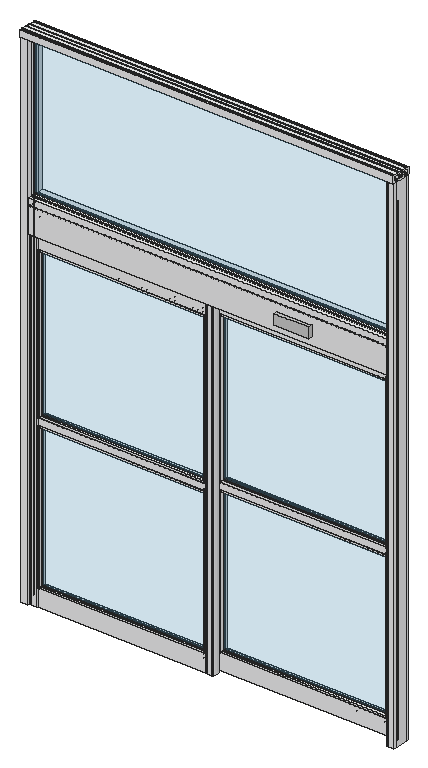
Revit family "2-5-5_Sliding-Door_TX9200SL_Single-RH-Outside-Slide-w-Transom-SX-O_Tormax", category Doors, host Wall, Revit 2026 (continued)
Automatic sketch dimensions
  Sweep 6 sketch curve to Sweep 6 sketch curve = 0' - 0.62563"
  Sweep 6 sketch curve to Sweep 6 sketch curve = 0' - 0.15607"
  Sweep 6 sketch curve to Sweep 6 sketch curve = 0' - 0.03666"
  Sweep 6 sketch curve to plane 1 "Center (Front/Back)" = 0' - 0.5574"
  Sweep 6 sketch curve to Sweep 6 sketch curve = 0' - 0.4288"  (x2)
  plane 1 "Center (Front/Back)" to Sweep 6 sketch curve = 0' - 0.5574"
  plane 1 "Center (Front/Back)" to Sweep 6 sketch curve = 0' - 0.70193"
  Sweep 6 sketch curve to Sweep 6 sketch curve = 0' - 0.04334"  (x2)
  Sweep 6 sketch curve to plane 1 "Center (Front/Back)" = 0' - 0.70193"
  Sweep 6 sketch curve to Sweep 6 sketch curve = 0' - 0.02874"  (x2)
  Sweep 6 sketch curve to Sweep 6 sketch curve = 0' - 0.03"  (x2)
  Sweep 6 sketch curve to Sweep 6 sketch curve = 0' - 0.01117"
  plane 1 "Center (Front/Back)" to Sweep 6 sketch curve = 0' - 0.4768"
  Sweep 6 sketch curve to Sweep 6 sketch curve = 0' - 0.12598"  (x2)
  Sweep 6 sketch curve to plane 1 "Center (Front/Back)" = 0' - 0.4768"
  Sweep 6 sketch curve to Sweep 6 sketch curve = 0' - 0 9/256"  (x2)
  Sweep 6 sketch curve to plane 1 "Center (Front/Back)" = 0' - 0.81302"
  Sweep 6 sketch curve to Sweep 6 sketch curve = 0' - 0.01061"
  Sweep 6 sketch curve to plane 1 "Center (Front/Back)" = 0' - 0.1755"
  Sweep 6 sketch curve to Sweep 6 sketch curve = 0' - 0.05155"  (x2)
  plane 1 "Center (Front/Back)" to Sweep 6 sketch curve = 0' - 0.1755"
  Sweep 6 sketch curve to Sweep 6 sketch curve = 0' - 0.09638"
  plane 1 "Center (Front/Back)" to Sweep 6 sketch curve = 0' - 0.198"
  Sweep 6 sketch curve to Sweep 6 sketch curve = 0' - 0.03415"  (x2)
  Sweep 6 sketch curve to plane 1 "Center (Front/Back)" = 0' - 0.91763"
  Sweep 6 sketch curve to Sweep 6 sketch curve = 0' - 0.1046"
  plane 1 "Center (Front/Back)" to Sweep 6 sketch curve = 0' - 0.07676"
  Sweep 6 sketch curve to Sweep 6 sketch curve = 0' - 0.06597"  (x2)
  Sweep 6 sketch curve to plane 1 "Center (Front/Back)" = 0' - 0.07676"
  Sweep 6 sketch curve to Sweep 6 sketch curve = 0' - 0.01404"  (x4)
  Sweep 6 sketch curve to plane 1 "Center (Front/Back)" = 0' - 0.10524"
  plane 1 "Center (Front/Back)" to Sweep 6 sketch curve = 0' - 0.10524"
  Sweep 6 sketch curve to Sweep 6 sketch curve = 0' - 0.1111"
  Sweep 6 sketch curve to Sweep 6 sketch curve = 0' - 0.9814"
  Sweep 6 sketch curve to Sweep 6 sketch curve = 0' - 0.05012"
  Sweep 6 sketch curve to Sweep 6 sketch curve = 0' - 0.16615"  (x2)
  plane 1 "Center (Front/Back)" to Sweep 6 sketch curve = 0' - 0.89192"
  Sweep 6 sketch curve to Sweep 6 sketch curve = 0' - 0.03237"  (x2)
  Sweep 6 sketch curve to plane 1 "Center (Front/Back)" = 0' - 0.89192"
  Sweep 6 sketch curve to plane 1 "Center (Front/Back)" = 0' - 0.13464"
  Sweep 6 sketch curve to Sweep 6 sketch curve = 0' - 0 27/256"  (x2)
  plane 1 "Center (Front/Back)" to Sweep 6 sketch curve = 0' - 0.13464"
  Sweep 6 sketch curve to plane 1 "Center (Front/Back)" = 0' - 0.03765"
  Sweep 6 sketch curve to Sweep 6 sketch curve = 0' - 0.00691"
  plane 1 "Center (Front/Back)" to Sweep 6 sketch curve = 0' - 0.03765"
  Sweep 6 sketch curve to Sweep 6 sketch curve = 0' - 0.02047"  (x4)
  plane 1 "Center (Front/Back)" to Sweep 6 sketch curve = 0' - 0.06635"
  Sweep 6 sketch curve to plane 1 "Center (Front/Back)" = 0' - 0.06635"
  Sweep 6 sketch curve to Sweep 6 sketch curve = 0' - 0.34663"
  Sweep 6 sketch curve to Sweep 6 sketch curve = 0' - 0.24384"
  Sweep 6 sketch curve to Sweep 6 sketch curve = 0' - 0.03405"
  Sweep 6 sketch curve to Sweep 6 sketch curve = 0' - 0.07004"
  Sweep 6 sketch curve to Sweep 6 sketch curve = 0' - 0.71308"
  Sweep 6 sketch curve to Sweep 6 sketch curve = 0' - 0.06289"
  Sweep 6 sketch curve to Sweep 6 sketch curve = 0' - 0.01808"  (x2)
  Sweep 6 sketch curve to Sweep 6 sketch curve = 0' - 0.05878"
  Sweep 6 sketch curve to Sweep 6 sketch curve = 0' - 0.03581"  (x2)
  Sweep 6 sketch curve to Sweep 6 sketch curve = 0' - 0.00458"
  Sweep 6 sketch curve to Sweep 6 sketch curve = 0' - 0.06336"
  Sweep 6 sketch curve to Sweep 6 sketch curve = 0' - 0.06467"
  Sweep 6 sketch curve to Sweep 6 sketch curve = 0' - 0.12548"
  Sweep 6 sketch curve to Sweep 6 sketch curve = 0' - 0.07853"
  Sweep 6 sketch curve to Sweep 6 sketch curve = 0' - 1.12104"
  Sweep 8 sketch curve to plane 1 "Center (Front/Back)" = 0' - 0.06635"
  plane 1 "Center (Front/Back)" to Sweep 8 sketch curve = 0' - 0.06635"
  Sweep 8 sketch curve to Sweep 8 sketch curve = 0' - 0"  (x4)
  Sweep 8 sketch curve to Sweep 8 sketch curve = 0' - 0.02047"  (x4)
  Sweep 8 sketch curve to plane 1 "Center (Front/Back)" = 0' - 0.03765"
  plane 1 "Center (Front/Back)" to Sweep 8 sketch curve = 0' - 0.03765"
  plane 1 "Center (Front/Back)" to Sweep 8 sketch curve = 0' - 0.13464"
  Sweep 8 sketch curve to Sweep 8 sketch curve = 0' - 0.04786"  (x2)
  Sweep 8 sketch curve to plane 1 "Center (Front/Back)" = 0' - 0.13464"
  Sweep 8 sketch curve to plane 1 "Center (Front/Back)" = 0' - 0.89192"
  Sweep 8 sketch curve to Sweep 8 sketch curve = 0' - 0.09924"
  plane 1 "Center (Front/Back)" to Sweep 8 sketch curve = 0' - 0.89192"
  plane 1 "Center (Front/Back)" to Sweep 8 sketch curve = 0' - 0.198"
  Sweep 8 sketch curve to Sweep 8 sketch curve = 0' - 0 27/256"  (x2)
  Sweep 8 sketch curve to plane 1 "Center (Front/Back)" = 0' - 0.198"
  Sweep 8 sketch curve to Sweep 8 sketch curve = 0' - 0.03237"  (x2)
  Sweep 8 sketch curve to Sweep 8 sketch curve = 0' - 0.08"  (x12)
  Sweep 8 sketch curve to Sweep 8 sketch curve = 0' - 0.05043"  (x2)
  Sweep 8 sketch curve to plane 1 "Center (Front/Back)" = 0' - 0.10524"
  Sweep 8 sketch curve to Sweep 8 sketch curve = 0' - 0.16615"  (x2)
  plane 1 "Center (Front/Back)" to Sweep 8 sketch curve = 0' - 0.10524"
  Sweep 8 sketch curve to Sweep 8 sketch curve = 0' - 0.01404"  (x4)
  Sweep 8 sketch curve to plane 1 "Center (Front/Back)" = 0' - 0.07676"
  plane 1 "Center (Front/Back)" to Sweep 8 sketch curve = 0' - 0.07676"
  Sweep 8 sketch curve to Sweep 8 sketch curve = 0' - 0.13772"  (x2)
  Sweep 8 sketch curve to Sweep 8 sketch curve = 0' - 0.09406"  (x2)
  Sweep 8 sketch curve to plane 1 "Center (Front/Back)" = 0' - 2.13309"
  Sweep 8 sketch curve to Sweep 8 sketch curve = 0' - 0.11387"  (x2)
  plane 1 "Center (Front/Back)" to Sweep 8 sketch curve = 0' - 2.13309"
  Sweep 8 sketch curve to Sweep 8 sketch curve = 0' - 0.11957"  (x2)
  plane 1 "Center (Front/Back)" to Sweep 8 sketch curve = 0' - 0.1755"
  Sweep 8 sketch curve to Sweep 8 sketch curve = 0' - 0.03415"  (x2)
  Sweep 8 sketch curve to plane 1 "Center (Front/Back)" = 0' - 0.1755"
  Sweep 8 sketch curve to Sweep 8 sketch curve = 0' - 0.09078"  (x2)
  plane 1 "Center (Front/Back)" to Sweep 8 sketch curve = 0' - 0.83751"
  Sweep 8 sketch curve to Sweep 8 sketch curve = 0' - 0.00708"  (x2)
  Sweep 8 sketch curve to plane 1 "Center (Front/Back)" = 0' - 0.83751"
  plane 1 "Center (Front/Back)" to Sweep 8 sketch curve = 0' - 0.4768"
  Sweep 8 sketch curve to Sweep 8 sketch curve = 0' - 0.01124"  (x2)
  Sweep 8 sketch curve to plane 1 "Center (Front/Back)" = 0' - 0.4768"
  Sweep 8 sketch curve to Sweep 8 sketch curve = 0' - 0 9/256"  (x2)
  Sweep 8 sketch curve to plane 1 "Center (Front/Back)" = 0' - 2.09227"
  Sweep 8 sketch curve to Sweep 8 sketch curve = 0' - 0.11476"  (x2)
  plane 1 "Center (Front/Back)" to Sweep 8 sketch curve = 0' - 2.09227"
  Sweep 8 sketch curve to Sweep 8 sketch curve = 0' - 0.01197"  (x4)
  Sweep 8 sketch curve to Sweep 8 sketch curve = 0' - 0.03"  (x2)
  Sweep 8 sketch curve to plane 1 "Center (Front/Back)" = 0' - 2.15805"
  plane 1 "Center (Front/Back)" to Sweep 8 sketch curve = 0' - 2.15805"
  plane 1 "Center (Front/Back)" to Sweep 8 sketch curve = 0' - 0.70193"
  Sweep 8 sketch curve to Sweep 8 sketch curve = 0' - 0.02874"  (x2)
  Sweep 8 sketch curve to plane 1 "Center (Front/Back)" = 0' - 0.70193"
  plane 1 "Center (Front/Back)" to Sweep 8 sketch curve = 0' - 0.5574"
  Sweep 8 sketch curve to Sweep 8 sketch curve = 0' - 0.10207"  (x2)
  Sweep 8 sketch curve to plane 1 "Center (Front/Back)" = 0' - 0.5574"
  Sweep 8 sketch curve to Sweep 8 sketch curve = 0' - 0.58177"
  Sweep 8 sketch curve to Sweep 8 sketch curve = 0' - 1.2245"
  Sweep 8 sketch curve to Sweep 8 sketch curve = 0' - 0 1/8"  (x2)
  Sweep 8 sketch curve to Sweep 8 sketch curve = 0' - 0.11691"  (x2)
  Sweep 8 sketch curve to Sweep 8 sketch curve = 0' - 0.095"  (x2)
  Sweep 8 sketch curve to Sweep 8 sketch curve = 0' - 0.22"  (x2)
  Sweep 8 sketch curve to Sweep 8 sketch curve = 0' - 0 3/8"
  Sweep 8 sketch curve to Sweep 8 sketch curve = 0' - 0.09794"  (x2)
  Sweep 8 sketch curve to Sweep 8 sketch curve = 0' - 0.01808"  (x2)
  Sweep 8 sketch curve to Sweep 8 sketch curve = 0' - 0.03581"  (x2)
  Sweep 8 sketch curve to plane 1 "Center (Front/Back)" = 0' - 0.58"
  plane 1 "Center (Front/Back)" to Sweep 8 sketch curve = 0' - 0 1/2"
  Sweep 8 sketch curve to Sweep 8 sketch curve = 0' - 0.06419"
  Sweep 8 sketch curve to Sweep 8 sketch curve = 0' - 1.05249"
  profile plane to Sweep 9 sketch curve = 0' - 0.13999"  (x2)
  Sweep 9 sketch curve to Sweep 9 sketch curve = 0' - 0.01404"  (x8)
  Sweep 9 sketch curve to plane 1 "Center (Front/Back)" = 0' - 0.07676"  (x2)
  plane 1 "Center (Front/Back)" to Sweep 9 sketch curve = 0' - 0.07676"  (x2)
  Sweep 9 sketch curve to Sweep 9 sketch curve = 0' - 0.09406"  (x4)
  Sweep 9 sketch curve to Sweep 9 sketch curve = 0' - 0.03415"  (x4)
  Sweep 9 sketch curve to Sweep 9 sketch curve = 0' - 0.0857"  (x4)
  Sweep 9 sketch curve to Sweep 9 sketch curve = 0' - 0.02391"  (x4)
  Sweep 9 sketch curve to Sweep 9 sketch curve = 0' - 0.03"  (x4)
  Sweep 9 sketch curve to Sweep 9 sketch curve = 0' - 0.02874"  (x4)
  Sweep 9 sketch curve to Sweep 9 sketch curve = 0' - 0.10207"  (x4)
  Sweep 9 sketch curve to profile plane = 0' - 0.02616"  (x2)
  Sweep 9 sketch curve to profile plane = 0' - 0.03237"  (x2)
  Sweep 9 sketch curve to Sweep 9 sketch curve = 0' - 0 27/256"  (x4)
  Sweep 9 sketch curve to plane 1 "Center (Front/Back)" = 0' - 0.03765"  (x2)
  Sweep 9 sketch curve to Sweep 9 sketch curve = 0' - 0.00691"
  plane 1 "Center (Front/Back)" to Sweep 9 sketch curve = 0' - 0.03765"  (x2)
  Sweep 9 sketch curve to Sweep 9 sketch curve = 0' - 0"  (x2)
  Sweep 9 sketch curve to Sweep 9 sketch curve = 0' - 0.02047"  (x8)
  plane 1 "Center (Front/Back)" to Sweep 9 sketch curve = 0' - 0.06635"  (x2)
  Sweep 9 sketch curve to plane 1 "Center (Front/Back)" = 0' - 0.06635"  (x2)
  Sweep 9 sketch curve to Sweep 9 sketch curve = 0' - 0.17947"
  plane 1 "Center (Front/Back)" to Sweep 9 sketch curve = 0' - 0.13464"
  Sweep 9 sketch curve to Sweep 9 sketch curve = 0' - 0.04786"  (x2)
  Sweep 9 sketch curve to plane 1 "Center (Front/Back)" = 0' - 0.13464"
  Sweep 9 sketch curve to plane 1 "Center (Front/Back)" = 0' - 0.89192"
  Sweep 9 sketch curve to Sweep 9 sketch curve = 0' - 0.03237"  (x2)
  plane 1 "Center (Front/Back)" to Sweep 9 sketch curve = 0' - 0.89192"
  plane 1 "Center (Front/Back)" to Sweep 9 sketch curve = 0' - 0.10524"
  Sweep 9 sketch curve to Sweep 9 sketch curve = 0' - 0.16615"  (x2)
  Sweep 9 sketch curve to plane 1 "Center (Front/Back)" = 0' - 0.10524"
  plane 1 "Center (Front/Back)" to Sweep 9 sketch curve = 0' - 0.198"
  Sweep 9 sketch curve to plane 1 "Center (Front/Back)" = 0' - 0.198"
  plane 1 "Center (Front/Back)" to Sweep 9 sketch curve = 0' - 0.1755"
  Sweep 9 sketch curve to plane 1 "Center (Front/Back)" = 0' - 0.1755"
  Sweep 9 sketch curve to plane 1 "Center (Front/Back)" = 0' - 0.4768"
  plane 1 "Center (Front/Back)" to Sweep 9 sketch curve = 0' - 0.4768"
  Sweep 9 sketch curve to plane 1 "Center (Front/Back)" = 0' - 0.70193"
  plane 1 "Center (Front/Back)" to Sweep 9 sketch curve = 0' - 0.70193"
  plane 1 "Center (Front/Back)" to Sweep 9 sketch curve = 0' - 0.5574"
  Sweep 9 sketch curve to plane 1 "Center (Front/Back)" = 0' - 0.5574"
  Sweep 9 sketch curve to Sweep 9 sketch curve = 0' - 0.01808"  (x4)
  Sweep 9 sketch curve to Sweep 9 sketch curve = 0' - 0.83324"
  Sweep 9 sketch curve to Sweep 9 sketch curve = 0' - 0.20807"
  Sweep 9 sketch curve to Sweep 9 sketch curve = 0' - 0.03581"  (x3)
  Sweep 9 sketch curve to Sweep 9 sketch curve = 0' - 0.23442"  (x2)
  Sweep 9 sketch curve to Sweep 9 sketch curve = 0' - 0.1001"
  Sweep 9 sketch curve to Sweep 9 sketch curve = 0' - 0.0806"  (x2)
  Sweep 9 sketch curve to Sweep 9 sketch curve = 0' - 0.12124"
  Sweep 9 sketch curve to Sweep 9 sketch curve = 0' - 0.0225"
  Sweep 9 sketch curve to Sweep 9 sketch curve = 0' - 0.06829"  (x2)
  Sweep 9 sketch curve to Sweep 9 sketch curve = 0' - 0.02848"
  Sweep 9 sketch curve to Sweep 9 sketch curve = 0' - 0.01424"
  Sweep 9 sketch curve to Sweep 9 sketch curve = 0' - 0.09874"
  Sweep 9 sketch curve to Sweep 9 sketch curve = 0' - 0.06336"
  Sweep 9 sketch curve to Sweep 9 sketch curve = 0' - 0.2788"
  Sweep 9 sketch curve to Sweep 9 sketch curve = 0' - 0.1807"
Nested families (in)
  nested 1: "Door-Sliding-Tormax-Panel-O" at (-22.46783, -0.84, 0), type "Door-Sliding-Tormax-Panel-O"
    with Width 3' - 11 9/16"
  nested 2: "Door-Sliding-Tormax-Panel-SX" at (22.46875, 1.433, 0), type "Door-Sliding-Tormax-Panel-SX"
    with Width 3' - 11 9/16"
Definition of nested family "Door-Sliding-Tormax-Panel-O"
  Parameters (values of type "Door-Sliding-Tormax-Panel-O")
    Width = 3' - 5 9/16"
    Thickness = 0' - 1.82"  # constant formula
    Height = 7' - 1 1/2"
    Glass = none
    Door Frame = none
    Define Thermal Properties by = 1
    Default Elevation = 0' - 0"
    Analytic Construction = "<None>"
  Reference planes (in)
    plane 1 "Center (Front/Back)": y = 0
    plane 2: z = 0
    plane 3 "Center (Left/Right)": x = 0
    plane 4: z = 85.5
    plane 5: z = 42.75
    plane 6: y = 0.12483
    plane 7: y = -0.12517
    plane 8: y = -0.91
    plane 9: y = 0.91
    plane 10: x = -20.78125
    plane 11: x = 20.78125
    plane 12: x = -18.65625
    plane 13: x = 18.65625
    plane 14: z = 43.625
    plane 15: z = 41.875
    plane 16: z = 82.40625
    plane 17: z = 85.40625
    plane 18: z = 4.3125
  Forms (in)
    Sweep 1, solid, material <- "Door Frame"
      path origin (0, 0, 0) x (1, 0, 0) y (0, 0, 1)
        loop
          line (-20.78125, 0) -> (-20.78125, 85.40625)
      profile origin (-20.78125, 0, 42.70312) x (-1, 0, 0) y (0, -1, 0)
        loop
          line (0, -0.91) -> (0, -0.765) -> (-0.25, -0.765) -> (-0.25, 0.765) -> (0, 0.765) -> (0, 0.91) -> (-2.125, 0.91) -> (-2.125, 0.70839) -> (-2.00861, 0.77559) -> (-1.969, 0.77559) -> (-1.969, -0.77559) -> (-2.00861, -0.77559) -> (-2.125, -0.70839) -> (-2.125, -0.91) -> (0, -0.91)
        loop
          line (-0.375, -0.765) -> (-0.375, 0.765) -> (-1.844, 0.765) -> (-1.844, -0.765) -> (-0.375, -0.765)
    Sweep 2, solid, material <- "Door Frame"
      path origin (0, 0, 0) x (1, 0, 0) y (0, 0, 1)
        loop
          line (-18.65625, 0) -> (18.65625, 0)
      profile origin (0, 0, 0) x (0, 0, 1) y (0, -1, 0)
        loop
          line (0, -0.91) -> (0.18793, -0.91) -> (0.18793, 0.78451) -> (0.91018, 0.78451) -> (0.91018, 0.31654) -> (1.33419, 0.31654) -> (1.33419, -0.31896) -> (0.91018, -0.31896) -> (0.91018, -0.91) -> (1.31299, -0.91) -> (1.31299, -0.8749) -> (4.3125, -0.8749) -> (4.3125, -0.70921) -> (4.20607, -0.77066) -> (4.1581, -0.77066) -> (4.1581, 0.77066) -> (4.20607, 0.77066) -> (4.3125, 0.70921) -> (4.3125, 0.8749) -> (0, 0.8749) -> (0, -0.91)
        loop
          line (4.03195, -0.71919) -> (4.03195, 0.71919) -> (3.72279, 0.71919) -> (3.72279, 0.75305) -> (3.39625, 0.75305) -> (3.39625, 0.71919) -> (3.08216, 0.71919) -> (3.08216, 0.37504) -> (2.93823, 0.37504) -> (2.93823, -0.37628) -> (3.08216, -0.37628) -> (3.08216, -0.71919) -> (3.39625, -0.71919) -> (3.39625, -0.75305) -> (3.72279, -0.75305) -> (3.72279, -0.71919) -> (4.03195, -0.71919)
        loop
          line (2.81306, -0.74999) -> (2.81306, 0.74911) -> (1.78489, 0.74911) -> (1.78489, 0.13781) -> (1.72241, 0.13781) -> (1.72241, 0.27206) -> (1.58242, 0.27206) -> (1.58242, 0.16548) -> (1.51503, 0.16548) -> (1.51503, -0.16539) -> (1.58242, -0.16539) -> (1.58242, -0.27209) -> (1.72241, -0.27209) -> (1.72241, -0.13788) -> (1.78489, -0.13788) -> (1.78489, -0.29096)
          arc (1.78489, -0.29096) -> (1.65044, -0.61555) -> (1.32586, -0.74999) r 0.45903
          line (1.32586, -0.74999) -> (2.81306, -0.74999)
        loop
          line (43.625, -0.875) -> (43.625, -0.70777) -> (43.5155, -0.77099) -> (43.469, -0.77099) -> (43.469, 0.77099) -> (43.5155, 0.77099) -> (43.625, 0.70777) -> (43.625, 0.875) -> (41.875, 0.875) -> (41.875, 0.70777) -> (41.9845, 0.77099) -> (42.031, 0.77099) -> (42.031, -0.77099) -> (41.9845, -0.77099) -> (41.875, -0.70777) -> (41.875, -0.875) -> (43.625, -0.875)
        loop
          line (42.40541, -0.729) -> (42.40541, -0.76) -> (42.85469, -0.76) -> (42.85469, -0.729) -> (43.106, -0.729) -> (43.106, -0.519) -> (43.319, -0.519) -> (43.319, 0.519) -> (43.106, 0.519) -> (43.106, 0.729) -> (42.85469, 0.729) -> (42.85469, 0.76) -> (42.40541, 0.76) -> (42.40541, 0.729) -> (42.156, 0.729) -> (42.156, -0.729) -> (42.40541, -0.729)
        loop
          line (85.40625, 0.8749) -> (82.40625, 0.8749) -> (82.40625, 0.70921) -> (82.51268, 0.77066) -> (82.56065, 0.77066) -> (82.56065, -0.77066) -> (82.51268, -0.77066) -> (82.40625, -0.70921) -> (82.40625, -0.8749) -> (85.40625, -0.8749) -> (85.40625, -0.74999) -> (83.90569, -0.74999) -> (83.90569, 0.74911) -> (85.40625, 0.74911) -> (85.40625, 0.8749)
        loop
          line (82.6868, -0.71919) -> (82.99596, -0.71919) -> (82.99596, -0.75305) -> (83.3225, -0.75305) -> (83.3225, -0.71919) -> (83.63659, -0.71919) -> (83.63659, -0.37628) -> (83.78052, -0.37628) -> (83.78052, 0.37504) -> (83.63659, 0.37504) -> (83.63659, 0.71919) -> (83.3225, 0.71919) -> (83.3225, 0.75305) -> (82.99596, 0.75305) -> (82.99596, 0.71919) -> (82.6868, 0.71919) -> (82.6868, -0.71919)
    Sweep 3, solid, material <- "Door Frame"
      path origin (0, 0, 0) x (1, 0, 0) y (0, 0, 1)
        loop
          line (20.78125, 0) -> (20.78125, 85.40625)
      profile origin (20.78125, 0, 42.70313) x (-1, 0, 0) y (0, -1, 0)
        loop
          line (2.125, -0.91) -> (2.125, -0.70835) -> (2.02717, -0.76483) -> (1.969, -0.76483) -> (1.969, 0.76483) -> (2.02775, 0.76483) -> (2.125, 0.70869) -> (2.125, 0.91) -> (0.5, 0.91) -> (0.5, 0.87519) -> (0.13218, 0.87519)
          arc (0.13218, 0.87519) -> (0, 0) -> (0.13218, -0.87519) r 2.96345
          line (0.13218, -0.87519) -> (0.5, -0.87519) -> (0.5, -0.91) -> (2.125, -0.91)
        loop
          line (1.844, -0.76483) -> (1.844, 0.76517) -> (0.781, 0.76517) -> (0.781, -0.76483) -> (1.844, -0.76483)
        loop
          line (0.656, 0.76483) -> (0.59725, 0.76483) -> (0.5, 0.70869) -> (0.446, 0.70869) -> (0.446, 0.82119) -> (0.17229, 0.82119)
          arc (0.17229, 0.82119) -> (0.054, 0) -> (0.17229, -0.82119) r 2.90945
          line (0.17229, -0.82119) -> (0.446, -0.82119) -> (0.446, -0.70835) -> (0.5, -0.70835) -> (0.59783, -0.76483) -> (0.656, -0.76483) -> (0.656, 0.76483)
    Sweep 4, solid, material <- "Door Frame"
      path origin (0, 0, 0) x (1, 0, 0) y (0, 0, 1)
        loop
          line (0, 4.3125) -> (0, 41.875)
      profile origin (0, 0, 23.09375) x (-1, 0, 0) y (0, -1, 0)
        loop
          line (-18.65625, -0.87481) -> (-18.15645, -0.87481) -> (-18.15645, -0.20955) -> (-18.12159, -0.20955) -> (-18.06046, -0.09459) -> (-18.08245, -0.07259) -> (-18.15436, -0.12483) -> (-18.36418, -0.12483) -> (-18.36418, -0.20955) -> (-18.5318, -0.20955) -> (-18.5318, -0.13997) -> (-18.61845, -0.13997) -> (-18.61845, 0.13997) -> (-18.5318, 0.13997) -> (-18.5318, 0.20955) -> (-18.36418, 0.20955) -> (-18.36418, 0.12483) -> (-18.15436, 0.12483) -> (-18.08245, 0.07259) -> (-18.06046, 0.09459) -> (-18.12159, 0.20955) -> (-18.15645, 0.20955) -> (-18.15645, 0.87481) -> (-18.65625, 0.87481) -> (-18.65625, 0.66561) -> (-18.75597, 0.66561) -> (-18.75597, 0.76483) -> (-18.80597, 0.76483) -> (-18.80597, 0.6157) -> (-18.69998, 0.6157) -> (-18.57594, 0.49166) -> (-18.57594, 0.32983)
          arc (-18.57594, 0.32983) -> (-18.64136, 0.30274) -> (-18.66845, 0.23732) r 0.09251
          line (-18.66845, 0.23732) -> (-18.66845, 0.1901) -> (-18.81225, 0.1901) -> (-18.81225, 0.13997) -> (-18.66845, 0.13997) -> (-18.66845, -0.13997) -> (-18.81225, -0.13997) -> (-18.81225, -0.1901) -> (-18.68146, -0.1901) -> (-18.68146, -0.25955) -> (-18.46359, -0.25955) -> (-18.46359, -0.4032) -> (-18.20611, -0.4032) -> (-18.20611, -0.8251) -> (-18.60608, -0.8251) -> (-18.60608, -0.65698) -> (-18.72056, -0.65698) -> (-18.72056, -0.70698) -> (-18.65625, -0.70698) -> (-18.65625, -0.87481)
        loop
          line (-18.55619, 0.8251) -> (-18.55619, 0.74143) -> (-18.62235, 0.74143) -> (-18.62235, 0.67847) -> (-18.52594, 0.58206) -> (-18.52594, 0.25099) -> (-18.46359, 0.25099) -> (-18.46359, 0.4032) -> (-18.20611, 0.4032) -> (-18.20611, 0.8251) -> (-18.55619, 0.8251)
        loop
          line (18.65625, -0.87481) -> (18.65625, -0.70698) -> (18.72056, -0.70698) -> (18.72056, -0.65698) -> (18.60608, -0.65698) -> (18.60608, -0.8251) -> (18.20611, -0.8251) -> (18.20611, -0.4032) -> (18.46359, -0.4032) -> (18.46359, -0.25955) -> (18.68146, -0.25955) -> (18.68146, -0.1901) -> (18.81225, -0.1901) -> (18.81225, -0.13997) -> (18.66845, -0.13997) -> (18.66845, 0.13997) -> (18.81225, 0.13997) -> (18.81225, 0.1901) -> (18.66845, 0.1901) -> (18.66845, 0.23732)
          arc (18.66845, 0.23732) -> (18.64136, 0.30274) -> (18.57594, 0.32983) r 0.09251
          line (18.57594, 0.32983) -> (18.57594, 0.49166) -> (18.69998, 0.6157) -> (18.80597, 0.6157) -> (18.80597, 0.76483) -> (18.75597, 0.76483) -> (18.75597, 0.66561) -> (18.65625, 0.66561) -> (18.65625, 0.87481) -> (18.15645, 0.87481) -> (18.15645, 0.20955) -> (18.12159, 0.20955) -> (18.06046, 0.09459) -> (18.08245, 0.07259) -> (18.15436, 0.12483) -> (18.36418, 0.12483) -> (18.36418, 0.20955) -> (18.5318, 0.20955) -> (18.5318, 0.13997) -> (18.61845, 0.13997) -> (18.61845, -0.13997) -> (18.5318, -0.13997) -> (18.5318, -0.20955) -> (18.36418, -0.20955) -> (18.36418, -0.12483) -> (18.15436, -0.12483) -> (18.08245, -0.07259) -> (18.06046, -0.09459) -> (18.12159, -0.20955) -> (18.15645, -0.20955) -> (18.15645, -0.87481) -> (18.65625, -0.87481)
        loop
          line (18.55619, 0.8251) -> (18.20611, 0.8251) -> (18.20611, 0.4032) -> (18.46359, 0.4032) -> (18.46359, 0.25099) -> (18.52594, 0.25099) -> (18.52594, 0.58206) -> (18.62235, 0.67847) -> (18.62235, 0.74143) -> (18.55619, 0.74143) -> (18.55619, 0.8251)
    Extrusion 5, solid, material <- "Glass"
      sketch origin (0, 0, 0) x (1, 0, 0) y (0, 1, 0)
        loop
          line (-18.36418, 0.12483) -> (-18.36418, -0.12517) -> (18.36418, -0.12517) -> (18.36418, 0.12483) -> (-18.36418, 0.12483)
      from 4.60457 to 41.58293
    Sweep 6, solid, material <- "Door Frame"
      path origin (0, 0, 0) x (1, 0, 0) y (0, 0, 1)
        loop
          line (-18.15645, 42.75) -> (18.15645, 42.75)
      profile origin (0, 0, 42.75) x (0, 0, 1) y (0, -1, 0)
        loop
          line (-38.4375, 0.87481) -> (-38.4375, 0.70698) -> (-38.50181, 0.70698) -> (-38.50181, 0.65698) -> (-38.38733, 0.65698) -> (-38.38733, 0.8251) -> (-37.98736, 0.8251) -> (-37.98736, 0.4032) -> (-38.24484, 0.4032) -> (-38.24484, 0.25955) -> (-38.46271, 0.25955) -> (-38.46271, 0.1901) -> (-38.5935, 0.1901) -> (-38.5935, 0.13997) -> (-38.4497, 0.13997) -> (-38.4497, -0.13997) -> (-38.5935, -0.13997) -> (-38.5935, -0.1901) -> (-38.4497, -0.1901) -> (-38.4497, -0.23732)
          arc (-38.4497, -0.23732) -> (-38.42261, -0.30274) -> (-38.35719, -0.32983) r 0.09251
          line (-38.35719, -0.32983) -> (-38.35719, -0.49166) -> (-38.48123, -0.6157) -> (-38.58722, -0.6157) -> (-38.58722, -0.76483) -> (-38.53722, -0.76483) -> (-38.53722, -0.66561) -> (-38.4375, -0.66561) -> (-38.4375, -0.87481) -> (-37.9377, -0.87481) -> (-37.9377, -0.20955) -> (-37.90284, -0.20955) -> (-37.84171, -0.09459) -> (-37.8637, -0.07259) -> (-37.93561, -0.12483) -> (-38.14543, -0.12483) -> (-38.14543, -0.20955) -> (-38.31305, -0.20955) -> (-38.31305, -0.13997) -> (-38.3997, -0.13997) -> (-38.3997, 0.13997) -> (-38.31305, 0.13997) -> (-38.31305, 0.20955) -> (-38.14543, 0.20955) -> (-38.14543, 0.12483) -> (-37.93561, 0.12483) -> (-37.8637, 0.07259) -> (-37.84171, 0.09459) -> (-37.90284, 0.20955) -> (-37.9377, 0.20955) -> (-37.9377, 0.87481) -> (-38.4375, 0.87481)
        loop
          line (-38.33744, -0.8251) -> (-37.98736, -0.8251) -> (-37.98736, -0.4032) -> (-38.24484, -0.4032) -> (-38.24484, -0.25099) -> (-38.30719, -0.25099) -> (-38.30719, -0.58206) -> (-38.4036, -0.67847) -> (-38.4036, -0.74143) -> (-38.33744, -0.74143) -> (-38.33744, -0.8251)
        loop
          line (-0.875, 0.87481) -> (-1.3748, 0.87481) -> (-1.3748, 0.20955) -> (-1.40966, 0.20955) -> (-1.47079, 0.09459) -> (-1.4488, 0.07259) -> (-1.37689, 0.12483) -> (-1.16707, 0.12483) -> (-1.16707, 0.20955) -> (-0.99945, 0.20955) -> (-0.99945, 0.13997) -> (-0.9128, 0.13997) -> (-0.9128, -0.13997) -> (-0.99945, -0.13997) -> (-0.99945, -0.20955) -> (-1.16707, -0.20955) -> (-1.16707, -0.12483) -> (-1.37689, -0.12483) -> (-1.4488, -0.07259) -> (-1.47079, -0.09459) -> (-1.40966, -0.20955) -> (-1.3748, -0.20955) -> (-1.3748, -0.87481) -> (-0.875, -0.87481) -> (-0.875, -0.66561) -> (-0.77528, -0.66561) -> (-0.77528, -0.76483) -> (-0.72528, -0.76483) -> (-0.72528, -0.6157) -> (-0.83127, -0.6157) -> (-0.95531, -0.49166) -> (-0.95531, -0.32983)
          arc (-0.95531, -0.32983) -> (-0.88989, -0.30274) -> (-0.8628, -0.23732) r 0.09251
          line (-0.8628, -0.23732) -> (-0.8628, -0.1901) -> (-0.719, -0.1901) -> (-0.719, -0.13997) -> (-0.8628, -0.13997) -> (-0.8628, 0.13997) -> (-0.719, 0.13997) -> (-0.719, 0.1901) -> (-0.84979, 0.1901) -> (-0.84979, 0.25955) -> (-1.06766, 0.25955) -> (-1.06766, 0.4032) -> (-1.32514, 0.4032) -> (-1.32514, 0.8251) -> (-0.92517, 0.8251) -> (-0.92517, 0.65698) -> (-0.81069, 0.65698) -> (-0.81069, 0.70698) -> (-0.875, 0.70698) -> (-0.875, 0.87481)
        loop
          line (-0.97506, -0.8251) -> (-0.97506, -0.74143) -> (-0.9089, -0.74143) -> (-0.9089, -0.67847) -> (-1.00531, -0.58206) -> (-1.00531, -0.25099) -> (-1.06766, -0.25099) -> (-1.06766, -0.4032) -> (-1.32514, -0.4032) -> (-1.32514, -0.8251) -> (-0.97506, -0.8251)
        loop
          line (0.875, 0.87481) -> (0.875, 0.70698) -> (0.81069, 0.70698) -> (0.81069, 0.65698) -> (0.92517, 0.65698) -> (0.92517, 0.8251) -> (1.32514, 0.8251) -> (1.32514, 0.4032) -> (1.06766, 0.4032) -> (1.06766, 0.25955) -> (0.84979, 0.25955) -> (0.84979, 0.1901) -> (0.719, 0.1901) -> (0.719, 0.13997) -> (0.8628, 0.13997) -> (0.8628, -0.13997) -> (0.719, -0.13997) -> (0.719, -0.1901) -> (0.8628, -0.1901) -> (0.8628, -0.23732)
          arc (0.8628, -0.23732) -> (0.88989, -0.30274) -> (0.95531, -0.32983) r 0.09251
          line (0.95531, -0.32983) -> (0.95531, -0.49166) -> (0.83127, -0.6157) -> (0.72528, -0.6157) -> (0.72528, -0.76483) -> (0.77528, -0.76483) -> (0.77528, -0.66561) -> (0.875, -0.66561) -> (0.875, -0.87481) -> (1.3748, -0.87481) -> (1.3748, -0.20955) -> (1.40966, -0.20955) -> (1.47079, -0.09459) -> (1.4488, -0.07259) -> (1.37689, -0.12483) -> (1.16707, -0.12483) -> (1.16707, -0.20955) -> (0.99945, -0.20955) -> (0.99945, -0.13997) -> (0.9128, -0.13997) -> (0.9128, 0.13997) -> (0.99945, 0.13997) -> (0.99945, 0.20955) -> (1.16707, 0.20955) -> (1.16707, 0.12483) -> (1.37689, 0.12483) -> (1.4488, 0.07259) -> (1.47079, 0.09459) -> (1.40966, 0.20955) -> (1.3748, 0.20955) -> (1.3748, 0.87481) -> (0.875, 0.87481)
        loop
          line (0.97506, -0.8251) -> (1.32514, -0.8251) -> (1.32514, -0.4032) -> (1.06766, -0.4032) -> (1.06766, -0.25099) -> (1.00531, -0.25099) -> (1.00531, -0.58206) -> (0.9089, -0.67847) -> (0.9089, -0.74143) -> (0.97506, -0.74143) -> (0.97506, -0.8251)
        loop
          line (39.65625, 0.87481) -> (39.15645, 0.87481) -> (39.15645, 0.20955) -> (39.12159, 0.20955) -> (39.06046, 0.09459) -> (39.08245, 0.07259) -> (39.15436, 0.12483) -> (39.36418, 0.12483) -> (39.36418, 0.20955) -> (39.5318, 0.20955) -> (39.5318, 0.13997) -> (39.61845, 0.13997) -> (39.61845, -0.13997) -> (39.5318, -0.13997) -> (39.5318, -0.20955) -> (39.36418, -0.20955) -> (39.36418, -0.12483) -> (39.15436, -0.12483) -> (39.08245, -0.07259) -> (39.06046, -0.09459) -> (39.12159, -0.20955) -> (39.15645, -0.20955) -> (39.15645, -0.87481) -> (39.65625, -0.87481) -> (39.65625, -0.66561) -> (39.75597, -0.66561) -> (39.75597, -0.76483) -> (39.80597, -0.76483) -> (39.80597, -0.6157) -> (39.69998, -0.6157) -> (39.57594, -0.49166) -> (39.57594, -0.32983)
          arc (39.57594, -0.32983) -> (39.64136, -0.30274) -> (39.66845, -0.23732) r 0.09251
          line (39.66845, -0.23732) -> (39.66845, -0.1901) -> (39.81225, -0.1901) -> (39.81225, -0.13997) -> (39.66845, -0.13997) -> (39.66845, 0.13997) -> (39.81225, 0.13997) -> (39.81225, 0.1901) -> (39.68146, 0.1901) -> (39.68146, 0.25955) -> (39.46359, 0.25955) -> (39.46359, 0.4032) -> (39.20611, 0.4032) -> (39.20611, 0.8251) -> (39.60608, 0.8251) -> (39.60608, 0.65698) -> (39.72056, 0.65698) -> (39.72056, 0.70698) -> (39.65625, 0.70698) -> (39.65625, 0.87481)
        loop
          line (39.55619, -0.8251) -> (39.55619, -0.74143) -> (39.62235, -0.74143) -> (39.62235, -0.67847) -> (39.52594, -0.58206) -> (39.52594, -0.25099) -> (39.46359, -0.25099) -> (39.46359, -0.4032) -> (39.20611, -0.4032) -> (39.20611, -0.8251) -> (39.55619, -0.8251)
    Sweep 7, solid, material <- "Door Frame"
      path origin (0, 0, 0) x (1, 0, 0) y (0, 0, 1)
        loop
          line (0, 43.625) -> (0, 82.40625)
      profile origin (0, 0, 63.01563) x (-1, 0, 0) y (0, -1, 0)
        loop
          line (-18.65625, -0.87481) -> (-18.15645, -0.87481) -> (-18.15645, -0.20955) -> (-18.12159, -0.20955) -> (-18.06046, -0.09459) -> (-18.08245, -0.07259) -> (-18.15436, -0.12483) -> (-18.36418, -0.12483) -> (-18.36418, -0.20955) -> (-18.5318, -0.20955) -> (-18.5318, -0.13997) -> (-18.61845, -0.13997) -> (-18.61845, 0.13997) -> (-18.5318, 0.13997) -> (-18.5318, 0.20955) -> (-18.36418, 0.20955) -> (-18.36418, 0.12483) -> (-18.15436, 0.12483) -> (-18.08245, 0.07259) -> (-18.06046, 0.09459) -> (-18.12159, 0.20955) -> (-18.15645, 0.20955) -> (-18.15645, 0.87481) -> (-18.65625, 0.87481) -> (-18.65625, 0.66561) -> (-18.75597, 0.66561) -> (-18.75597, 0.76483) -> (-18.80597, 0.76483) -> (-18.80597, 0.6157) -> (-18.69998, 0.6157) -> (-18.57594, 0.49166) -> (-18.57594, 0.32983)
          arc (-18.57594, 0.32983) -> (-18.64136, 0.30274) -> (-18.66845, 0.23732) r 0.09251
          line (-18.66845, 0.23732) -> (-18.66845, 0.1901) -> (-18.81225, 0.1901) -> (-18.81225, 0.13997) -> (-18.66845, 0.13997) -> (-18.66845, -0.13997) -> (-18.81225, -0.13997) -> (-18.81225, -0.1901) -> (-18.68146, -0.1901) -> (-18.68146, -0.25955) -> (-18.46359, -0.25955) -> (-18.46359, -0.4032) -> (-18.20611, -0.4032) -> (-18.20611, -0.8251) -> (-18.60608, -0.8251) -> (-18.60608, -0.65698) -> (-18.72056, -0.65698) -> (-18.72056, -0.70698) -> (-18.65625, -0.70698) -> (-18.65625, -0.87481)
        loop
          line (-18.55619, 0.8251) -> (-18.55619, 0.74143) -> (-18.62235, 0.74143) -> (-18.62235, 0.67847) -> (-18.52594, 0.58206) -> (-18.52594, 0.25099) -> (-18.46359, 0.25099) -> (-18.46359, 0.4032) -> (-18.20611, 0.4032) -> (-18.20611, 0.8251) -> (-18.55619, 0.8251)
        loop
          line (18.65625, -0.87481) -> (18.65625, -0.70698) -> (18.72056, -0.70698) -> (18.72056, -0.65698) -> (18.60608, -0.65698) -> (18.60608, -0.8251) -> (18.20611, -0.8251) -> (18.20611, -0.4032) -> (18.46359, -0.4032) -> (18.46359, -0.25955) -> (18.68146, -0.25955) -> (18.68146, -0.1901) -> (18.81225, -0.1901) -> (18.81225, -0.13997) -> (18.66845, -0.13997) -> (18.66845, 0.13997) -> (18.81225, 0.13997) -> (18.81225, 0.1901) -> (18.66845, 0.1901) -> (18.66845, 0.23732)
          arc (18.66845, 0.23732) -> (18.64136, 0.30274) -> (18.57594, 0.32983) r 0.09251
          line (18.57594, 0.32983) -> (18.57594, 0.49166) -> (18.69998, 0.6157) -> (18.80597, 0.6157) -> (18.80597, 0.76483) -> (18.75597, 0.76483) -> (18.75597, 0.66561) -> (18.65625, 0.66561) -> (18.65625, 0.87481) -> (18.15645, 0.87481) -> (18.15645, 0.20955) -> (18.12159, 0.20955) -> (18.06046, 0.09459) -> (18.08245, 0.07259) -> (18.15436, 0.12483) -> (18.36418, 0.12483) -> (18.36418, 0.20955) -> (18.5318, 0.20955) -> (18.5318, 0.13997) -> (18.61845, 0.13997) -> (18.61845, -0.13997) -> (18.5318, -0.13997) -> (18.5318, -0.20955) -> (18.36418, -0.20955) -> (18.36418, -0.12483) -> (18.15436, -0.12483) -> (18.08245, -0.07259) -> (18.06046, -0.09459) -> (18.12159, -0.20955) -> (18.15645, -0.20955) -> (18.15645, -0.87481) -> (18.65625, -0.87481)
        loop
          line (18.55619, 0.8251) -> (18.20611, 0.8251) -> (18.20611, 0.4032) -> (18.46359, 0.4032) -> (18.46359, 0.25099) -> (18.52594, 0.25099) -> (18.52594, 0.58206) -> (18.62235, 0.67847) -> (18.62235, 0.74143) -> (18.55619, 0.74143) -> (18.55619, 0.8251)
    Extrusion 8, solid, material <- "Glass"
      sketch origin (0, 0, 0) x (1, 0, 0) y (0, 1, 0)
        loop
          line (-18.36418, 0.12483) -> (-18.36418, -0.12517) -> (18.36418, -0.12517) -> (18.36418, 0.12483) -> (-18.36418, 0.12483)
      from 43.91707 to 82.11418
  Dimensions and locks (in)
    "Height": plane 4 to level
    equal spacing: plane 10, plane 3 "Center (Left/Right)", plane 11
    "Width": plane 10 to plane 11
    "Thickness": plane 9 to plane 8
    equal spacing: plane 9, plane 1 "Center (Front/Back)", plane 8
    locked: plane 10 to plane 12 at 2.125
    locked: plane 13 to plane 11 at 2.125
    locked: plane 5 to level at 42.75
    plane 14 to plane 5 to plane 15 = 0' - 0 7/8" locked, 0' - 0 7/8" locked
    plane 10 to Sweep 1 sketch curve to Sweep 1 sketch curve = 0' - 2 1/8" locked, 0' - 0" locked
    locked: plane 4 to plane 17 at 0.09375
    locked: plane 17 to plane 16 at 3
    locked: plane 18 to plane 2 at 4.3125
    locked: Sweep 4 sketch curve to plane 13 at 0.4998  (x2)
    plane 12 to Sweep 4 sketch curve to Sweep 4 sketch curve = 0' - 0.4998" locked, 0' - 0" locked
    plane 7 to plane 1 "Center (Front/Back)" to plane 6 = 0' - 0.12517" locked, 0' - 0.12483" locked
    locked: Extrusion 5 sketch curve to plane 13 at 0.29207
    locked: plane 12 to Extrusion 5 sketch curve at 0.29207
    locked: Sweep 6 sketch curve to plane 13 at 0.4998
    locked: Sweep 6 sketch curve to plane 12 at 0.4998
    locked: Sweep 6 sketch curve to plane 2 at 4.8123  (x2)
    Sweep 6 sketch curve to Sweep 6 sketch curve to plane 15 = 0' - 0" locked, 0' - 0.4998" locked
    Sweep 6 sketch curve to Sweep 6 sketch curve to plane 14 = 0' - 0" locked, 0' - 0.4998" locked
    Sweep 6 sketch curve to Sweep 6 sketch curve to plane 16 = 0' - 0" locked, 0' - 0.4998" locked
    locked: plane 2 to Extrusion 5 at 4.60457
    locked: Extrusion 5 to plane 15 at 0.29207
    locked: Extrusion 8 to plane 14 at 0.29207
    locked: Extrusion 8 to plane 16 at 0.29207
    locked: plane 12 to Sweep 7 sketch curve at 0.4998  (x2)
    Sweep 7 sketch curve to Sweep 7 sketch curve to plane 13 = 0' - 0" locked, 0' - 0.4998" locked
    aligned and locked: plane 2 to level
    aligned and locked: Sweep 1 sketch curve to plane 10
    aligned and locked: Sweep 1 sketch curve to plane 9
    aligned and locked: Sweep 1 sketch curve to profile plane
    aligned and locked: profile plane to Sweep 1 sketch curve
    aligned and locked: Sweep 1 sketch curve to plane 8
    aligned and locked: plane 12 to Sweep 2 sketch curve
    aligned and locked: plane 13 to Sweep 2 sketch curve
    aligned and locked: Sweep 2 sketch curve to plane 2
    aligned and locked: plane 14 to Sweep 2 sketch curve
    aligned and locked: Sweep 2 sketch curve to plane 14
    aligned and locked: plane 17 to Sweep 1 sketch curve
    aligned and locked: plane 17 to Sweep 3 sketch curve
    aligned and locked: Sweep 3 sketch curve to plane 11
    aligned and locked: plane 2 to Sweep 3 sketch curve
    aligned and locked: plane 13 to Sweep 3 sketch curve
    aligned and locked: plane 3 "Center (Left/Right)" to Sweep 4 sketch curve
    aligned and locked: plane 15 to Sweep 4 sketch curve
    aligned and locked: plane 18 to Sweep 4 sketch curve
    aligned and locked: Sweep 4 sketch curve to plane 13
    aligned and locked: plane 13 to Sweep 4 sketch curve
    aligned and locked: plane 12 to Sweep 4 sketch curve
    aligned and locked: Sweep 4 sketch curve to plane 12
    aligned and locked: plane 6 to Extrusion 5 sketch curve
    aligned and locked: plane 7 to Extrusion 5 sketch curve
    aligned and locked: Sweep 6 sketch curve to plane 5
    aligned and locked: plane 18 to Sweep 6 sketch curve
    aligned and locked: Sweep 6 sketch curve to plane 18
    aligned and locked: plane 15 to Sweep 6 sketch curve
    aligned and locked: Sweep 6 sketch curve to plane 15
    aligned and locked: Sweep 6 sketch curve to plane 14
    aligned and locked: plane 14 to Sweep 6 sketch curve
    aligned and locked: Sweep 6 sketch curve to plane 16
    aligned and locked: plane 16 to Sweep 6 sketch curve
    aligned and locked: plane 16 to Sweep 7 sketch curve
    aligned and locked: plane 14 to Sweep 7 sketch curve
    aligned and locked: plane 12 to Sweep 7 sketch curve
    aligned and locked: Sweep 7 sketch curve to plane 12
    aligned and locked: Sweep 7 sketch curve to plane 13
    aligned and locked: plane 13 to Sweep 7 sketch curve
  Automatic sketch dimensions
    Sweep 1 sketch curve to level = 0' - 0"
    profile plane to Sweep 2 sketch curve = 0' - 0"
    Sweep 2 sketch curve to Sweep 2 sketch curve = 0' - 0.18793"
    Sweep 2 sketch curve to Sweep 2 sketch curve = 0' - 0.72226"  (x2)
    Sweep 2 sketch curve to Sweep 2 sketch curve = 0' - 0.40281"
    Sweep 2 sketch curve to Sweep 2 sketch curve = 0' - 0.01287"
    Sweep 2 sketch curve to Sweep 2 sketch curve = 0' - 0.00834"
    Sweep 2 sketch curve to Sweep 2 sketch curve = 0' - 0.18917"
    Sweep 2 sketch curve to Sweep 2 sketch curve = 0' - 0.06739"  (x2)
    Sweep 2 sketch curve to Sweep 2 sketch curve = 0' - 0.13999"  (x2)
    Sweep 2 sketch curve to Sweep 2 sketch curve = 0' - 0 1/16"  (x2)
    Sweep 2 sketch curve to Sweep 2 sketch curve = 0' - 1.02817"
    Sweep 2 sketch curve to Sweep 2 sketch curve = 0' - 0.12517"
    Sweep 2 sketch curve to Sweep 2 sketch curve = 0' - 0.2691"  (x3)
    Sweep 2 sketch curve to Sweep 2 sketch curve = 0' - 0.31409"  (x4)
    Sweep 2 sketch curve to Sweep 2 sketch curve = 0' - 0.32654"  (x4)
    Sweep 2 sketch curve to Sweep 2 sketch curve = 0' - 0.30916"  (x3)
    Sweep 2 sketch curve to Sweep 2 sketch curve = 0' - 0.12615"  (x2)
    Sweep 2 sketch curve to Sweep 2 sketch curve = 0' - 0.04797"  (x3)
    plane 1 "Center (Front/Back)" to Sweep 2 sketch curve = 0' - 0.77066"  (x2)
    Sweep 2 sketch curve to Sweep 2 sketch curve = 0' - 0.10643"  (x4)
    plane 1 "Center (Front/Back)" to Sweep 2 sketch curve = 0' - 0.70921"
    plane 1 "Center (Front/Back)" to Sweep 2 sketch curve = 0' - 0.70777"
    Sweep 2 sketch curve to Sweep 2 sketch curve = 0' - 1 3/4"
    Sweep 2 sketch curve to Sweep 2 sketch curve = 0' - 0"  (x3)
    Sweep 2 sketch curve to plane 1 "Center (Front/Back)" = 0' - 0.77099"  (x2)
    Sweep 2 sketch curve to Sweep 2 sketch curve = 0' - 0.1095"  (x2)
    plane 1 "Center (Front/Back)" to Sweep 2 sketch curve = 0' - 0.77099"
    Sweep 2 sketch curve to Sweep 2 sketch curve = 0' - 0.0465"  (x3)
    Sweep 2 sketch curve to Sweep 2 sketch curve = 0' - 0 1/8"
    Sweep 2 sketch curve to Sweep 2 sketch curve = 0' - 0.24941"  (x2)
    Sweep 2 sketch curve to Sweep 2 sketch curve = 0' - 0.44928"  (x2)
    Sweep 2 sketch curve to Sweep 2 sketch curve = 0' - 0.25131"  (x2)
    Sweep 2 sketch curve to Sweep 2 sketch curve = 0' - 0.213"
    Sweep 2 sketch curve to Sweep 2 sketch curve = 0' - 0.156"
    plane 1 "Center (Front/Back)" to Sweep 2 sketch curve = 0' - 0.8749"
    Sweep 2 sketch curve to Sweep 2 sketch curve = 3' - 2 25/32"
    Sweep 2 sketch curve to Sweep 2 sketch curve = 0' - 0.14393"
    Sweep 2 sketch curve to Sweep 2 sketch curve = 0' - 1.50056"  (x2)
    Sweep 2 sketch curve to plane 1 "Center (Front/Back)" = 0' - 0.8749"
    Sweep 2 sketch curve to Sweep 2 sketch curve = 0' - 0.10401"  (x2)
    Sweep 2 sketch curve to Sweep 2 sketch curve = 0' - 0.0351"
    Sweep 2 sketch curve to Sweep 2 sketch curve = 0' - 0.10425"  (x3)
    Sweep 2 sketch curve to Sweep 2 sketch curve = 0' - 0.01099"
    Sweep 2 sketch curve to Sweep 2 sketch curve = 0' - 0.0176"
    Sweep 2 sketch curve to plane 1 "Center (Front/Back)" = 0' - 0.75305"
    Sweep 2 sketch curve to Sweep 2 sketch curve = 0' - 0.00306"
    Sweep 2 sketch curve to Sweep 2 sketch curve = 0' - 0.031"  (x3)
    Sweep 2 sketch curve to Sweep 2 sketch curve = 0' - 0.03386"  (x4)
    Sweep 2 sketch curve to Sweep 2 sketch curve = 0' - 0.05146"  (x3)
    Sweep 2 sketch curve to Sweep 2 sketch curve = 0' - 0.0308"
    Sweep 2 sketch curve to Sweep 2 sketch curve = 0' - 0.06145"  (x3)
    Sweep 2 sketch curve to Sweep 2 sketch curve = 0' - 0.06322"  (x3)
    Sweep 2 sketch curve to Sweep 2 sketch curve = 0' - 0.21"  (x2)
    Sweep 2 sketch curve to Sweep 2 sketch curve = 0' - 0.34292"  (x2)
    Sweep 2 sketch curve to plane 1 "Center (Front/Back)" = 0' - 0.31896"
    Sweep 2 sketch curve to Sweep 2 sketch curve = 0' - 0.01887"
    Sweep 2 sketch curve to Sweep 2 sketch curve = 0' - 0.1067"
    Sweep 2 sketch curve to plane 1 "Center (Front/Back)" = 0' - 0.13788"
    plane 1 "Center (Front/Back)" to Sweep 2 sketch curve = 0' - 0.13781"
    Sweep 2 sketch curve to Sweep 2 sketch curve = 0' - 0.02767"
    Sweep 2 sketch curve to Sweep 2 sketch curve = 0' - 0.10658"
    plane 1 "Center (Front/Back)" to Sweep 2 sketch curve = 0' - 0.31654"
    plane 1 "Center (Front/Back)" to Sweep 2 sketch curve = 0' - 0.37504"  (x2)
    plane 1 "Center (Front/Back)" to Sweep 2 sketch curve = 0' - 0.519"
    Sweep 2 sketch curve to Sweep 2 sketch curve = 0' - 0.18877"
    Sweep 2 sketch curve to Sweep 2 sketch curve = 0' - 0.34415"  (x2)
    Sweep 2 sketch curve to Sweep 2 sketch curve = 0' - 0.04199"
    Sweep 2 sketch curve to Sweep 2 sketch curve = 0' - 0.47705"
    Sweep 2 sketch curve to Sweep 2 sketch curve = 0' - 0.02992"
    plane 1 "Center (Front/Back)" to Sweep 2 sketch curve = 0' - 0.78451"
    Sweep 2 sketch curve to Sweep 2 sketch curve = 0' - 0.12491"
    Sweep 2 sketch curve to plane 1 "Center (Front/Back)" = 0' - 0 3/4"
    Sweep 1 sketch curve to plane 1 "Center (Front/Back)" = 0' - 0.77559"
    Sweep 1 sketch curve to Sweep 1 sketch curve = 0' - 0.11639"  (x2)
    Sweep 1 sketch curve to Sweep 1 sketch curve = 0' - 0 1/8"  (x2)
    profile plane to Sweep 1 sketch curve = 0' - 0 3/8"
    Sweep 1 sketch curve to Sweep 1 sketch curve = 0' - 0.145"  (x2)
    Sweep 1 sketch curve to Sweep 1 sketch curve = 0' - 0.01059"  (x2)
    Sweep 1 sketch curve to Sweep 1 sketch curve = 0' - 0.0672"
    Sweep 1 sketch curve to Sweep 1 sketch curve = 0' - 0.20161"
    Sweep 1 sketch curve to Sweep 1 sketch curve = 0' - 0.05661"
    Sweep 1 sketch curve to Sweep 1 sketch curve = 0' - 0.03961"
    Sweep 3 sketch curve to Sweep 3 sketch curve = 0' - 0"  (x3)
    plane 1 "Center (Front/Back)" to Sweep 3 sketch curve = 0' - 0"
    Sweep 3 sketch curve to profile plane = 0' - 0.13218"  (x2)
    Sweep 3 sketch curve to Sweep 3 sketch curve = 0' - 0.04011"  (x2)
    Sweep 3 sketch curve to Sweep 3 sketch curve = 0' - 0.27371"  (x2)
    Sweep 3 sketch curve to Sweep 3 sketch curve = 0' - 0.054"  (x5)
    Sweep 3 sketch curve to Sweep 3 sketch curve = 0' - 0.09725"  (x2)
    Sweep 3 sketch curve to Sweep 3 sketch curve = 0' - 0.09783"  (x2)
    Sweep 3 sketch curve to Sweep 3 sketch curve = 0' - 0.05875"  (x2)
    Sweep 3 sketch curve to Sweep 3 sketch curve = 0' - 0 1/8"  (x2)
    Sweep 3 sketch curve to plane 1 "Center (Front/Back)" = 0' - 0.76483"
    Sweep 3 sketch curve to Sweep 3 sketch curve = 0' - 0.05817"
    Sweep 3 sketch curve to plane 1 "Center (Front/Back)" = 0' - 0.70835"
    Sweep 3 sketch curve to Sweep 3 sketch curve = 0' - 0.83845"
    Sweep 3 sketch curve to Sweep 3 sketch curve = 0' - 0.05635"
    Sweep 3 sketch curve to Sweep 3 sketch curve = 0' - 0.14517"  (x2)
    Sweep 3 sketch curve to Sweep 3 sketch curve = 0' - 0.05648"
    Sweep 3 sketch curve to Sweep 3 sketch curve = 0' - 0.1125"
    Sweep 3 sketch curve to Sweep 3 sketch curve = 0' - 0.05615"
    Sweep 3 sketch curve to Sweep 3 sketch curve = 0' - 0.00033"
    Sweep 3 sketch curve to Sweep 3 sketch curve = 0' - 0.03481"
    plane 1 "Center (Front/Back)" to Sweep 3 sketch curve = 0' - 0.76483"
    plane 1 "Center (Front/Back)" to Sweep 3 sketch curve = 0' - 0.70869"
    Sweep 4 sketch curve to Sweep 4 sketch curve = 0' - 0.0122"
    Sweep 4 sketch curve to plane 1 "Center (Front/Back)" = 0' - 0.13997"
    Sweep 4 sketch curve to Sweep 4 sketch curve = 0' - 0"  (x5)
    Sweep 4 sketch curve to Sweep 4 sketch curve = 0' - 0.01301"  (x2)
    plane 1 "Center (Front/Back)" to Sweep 4 sketch curve = 0' - 0.6157"
    Sweep 4 sketch curve to Sweep 4 sketch curve = 0' - 0.04373"  (x2)
    Sweep 4 sketch curve to Sweep 4 sketch curve = 0' - 0.06431"  (x2)
    Sweep 4 sketch curve to Sweep 4 sketch curve = 0' - 0.05599"
    Sweep 4 sketch curve to Sweep 4 sketch curve = 0' - 0.05"  (x8)
    Sweep 4 sketch curve to Sweep 4 sketch curve = 0' - 0.13079"  (x2)
    Sweep 4 sketch curve to Sweep 4 sketch curve = 0' - 0.1438"  (x2)
    Sweep 4 sketch curve to Sweep 4 sketch curve = 0' - 0.0339"  (x2)
    Sweep 4 sketch curve to Sweep 4 sketch curve = 0' - 0.05017"  (x2)
    plane 1 "Center (Front/Back)" to Sweep 4 sketch curve = 0' - 0.49166"
    Sweep 4 sketch curve to Sweep 4 sketch curve = 0' - 0.12404"  (x2)
    Sweep 4 sketch curve to Sweep 4 sketch curve = 0' - 0.06616"  (x2)
    Sweep 4 sketch curve to Sweep 4 sketch curve = 0' - 0.08665"  (x3)
    Sweep 4 sketch curve to Sweep 4 sketch curve = 0' - 0.00586"  (x2)
    Sweep 4 sketch curve to Sweep 4 sketch curve = 0' - 0.0682"  (x2)
    Sweep 4 sketch curve to Sweep 4 sketch curve = 0' - 0.11234"
    Sweep 4 sketch curve to Sweep 4 sketch curve = 0' - 0.09942"  (x4)
    Sweep 4 sketch curve to Sweep 4 sketch curve = 0' - 0.04966"  (x4)
    Sweep 4 sketch curve to plane 1 "Center (Front/Back)" = 0' - 0.12483"
    Sweep 4 sketch curve to Sweep 4 sketch curve = 0' - 0.00209"  (x2)
    Sweep 4 sketch curve to Sweep 4 sketch curve = 0' - 0.03487"  (x4)
    plane 1 "Center (Front/Back)" to Sweep 4 sketch curve = 0' - 0.20955"  (x2)
    plane 1 "Center (Front/Back)" to Sweep 4 sketch curve = 0' - 0.07259"  (x2)
    Sweep 4 sketch curve to Sweep 4 sketch curve = 0' - 0.0719"  (x4)
    Sweep 4 sketch curve to plane 1 "Center (Front/Back)" = 0' - 0.07259"  (x2)
    Sweep 4 sketch curve to plane 1 "Center (Front/Back)" = 0' - 0.09459"  (x2)
    Sweep 4 sketch curve to Sweep 4 sketch curve = 0' - 0.02199"  (x4)
    plane 1 "Center (Front/Back)" to Sweep 4 sketch curve = 0' - 0.09459"  (x2)
    Sweep 4 sketch curve to Sweep 4 sketch curve = 0' - 0.06113"
    Sweep 4 sketch curve to plane 1 "Center (Front/Back)" = 0' - 0.20955"
    plane 1 "Center (Front/Back)" to Sweep 4 sketch curve = 0' - 0.12483"
    Sweep 4 sketch curve to Sweep 4 sketch curve = 0' - 0.06234"
    Sweep 4 sketch curve to Sweep 4 sketch curve = 0' - 0.03026"
    Sweep 4 sketch curve to Sweep 4 sketch curve = 0' - 0.14248"
    Sweep 4 sketch curve to Sweep 4 sketch curve = 0' - 0.09251"
    Sweep 4 sketch curve to Sweep 4 sketch curve = 0' - 0.13361"
    Sweep 4 sketch curve to plane 1 "Center (Front/Back)" = 0' - 0.25955"
    Sweep 4 sketch curve to Sweep 4 sketch curve = 0' - 0.11958"
    Sweep 4 sketch curve to Sweep 4 sketch curve = 0' - 0.14365"
    Sweep 4 sketch curve to Sweep 4 sketch curve = 0' - 0.19365"  (x3)
    Sweep 4 sketch curve to Sweep 4 sketch curve = 0' - 0.25378"  (x2)
    Sweep 4 sketch curve to Sweep 4 sketch curve = 0' - 0.4219"  (x2)
    Sweep 4 sketch curve to Sweep 4 sketch curve = 0' - 0.04971"  (x4)
    Sweep 4 sketch curve to Sweep 4 sketch curve = 0' - 0.08472"  (x5)
    Sweep 4 sketch curve to Sweep 4 sketch curve = 0' - 0.05012"  (x4)
    Sweep 4 sketch curve to Sweep 4 sketch curve = 0' - 0.06945"
    Sweep 4 sketch curve to Sweep 4 sketch curve = 0' - 0.06958"  (x2)
    plane 1 "Center (Front/Back)" to Sweep 4 sketch curve = 0' - 0.13997"  (x2)
    Sweep 4 sketch curve to Sweep 4 sketch curve = 0' - 0.04722"
    Sweep 4 sketch curve to Sweep 4 sketch curve = 0' - 0.02777"
    Sweep 4 sketch curve to Sweep 4 sketch curve = 0' - 0.04144"  (x2)
    Sweep 4 sketch curve to Sweep 4 sketch curve = 0' - 0.08847"
    Sweep 4 sketch curve to Sweep 4 sketch curve = 0' - 0.0904"  (x2)
    Sweep 4 sketch curve to Sweep 4 sketch curve = 0' - 0.04991"  (x2)
    Sweep 4 sketch curve to Sweep 4 sketch curve = 0' - 0.01286"  (x2)
    Sweep 4 sketch curve to Sweep 4 sketch curve = 0' - 0.06296"  (x2)
    Sweep 4 sketch curve to Sweep 4 sketch curve = 0' - 0.09922"  (x2)
    Sweep 4 sketch curve to Sweep 4 sketch curve = 0' - 0.08367"  (x2)
    plane 1 "Center (Front/Back)" to Sweep 6 sketch curve = 0' - 0.13997"  (x4)
    Sweep 6 sketch curve to Sweep 6 sketch curve = 0' - 0.512"
    Sweep 6 sketch curve to Sweep 6 sketch curve = 0' - 0"  (x10)
    Sweep 6 sketch curve to Sweep 6 sketch curve = 0' - 0.01301"  (x4)
    Sweep 6 sketch curve to plane 1 "Center (Front/Back)" = 0' - 0.6157"  (x2)
    Sweep 6 sketch curve to Sweep 6 sketch curve = 0' - 0.04373"  (x4)
    Sweep 6 sketch curve to Sweep 6 sketch curve = 0' - 0.06431"  (x4)
    Sweep 6 sketch curve to Sweep 6 sketch curve = 0' - 0.09972"
    Sweep 6 sketch curve to Sweep 6 sketch curve = 0' - 0.05"  (x19)
    Sweep 6 sketch curve to Sweep 6 sketch curve = 0' - 0.13079"  (x4)
    Sweep 6 sketch curve to Sweep 6 sketch curve = 0' - 0.1438"  (x4)
    Sweep 6 sketch curve to Sweep 6 sketch curve = 0' - 0.0339"  (x3)
    Sweep 6 sketch curve to Sweep 6 sketch curve = 0' - 0.05017"  (x4)
    Sweep 6 sketch curve to Sweep 6 sketch curve = 0' - 0.09251"
    Sweep 6 sketch curve to Sweep 6 sketch curve = 0' - 0.06616"  (x3)
    Sweep 6 sketch curve to Sweep 6 sketch curve = 0' - 0.08665"  (x4)
    Sweep 6 sketch curve to Sweep 6 sketch curve = 0' - 0.04414"  (x2)
    Sweep 6 sketch curve to plane 1 "Center (Front/Back)" = 0' - 0.58206"  (x2)
    Sweep 6 sketch curve to Sweep 6 sketch curve = 0' - 0.11234"  (x2)
    Sweep 6 sketch curve to Sweep 6 sketch curve = 0' - 0.0682"  (x4)
    Sweep 6 sketch curve to Sweep 6 sketch curve = 0' - 0.09942"  (x8)
    Sweep 6 sketch curve to Sweep 6 sketch curve = 0' - 0.04966"  (x8)
    plane 1 "Center (Front/Back)" to Sweep 6 sketch curve = 0' - 0.12483"  (x3)
    Sweep 6 sketch curve to Sweep 6 sketch curve = 0' - 0.00209"  (x6)
    Sweep 6 sketch curve to Sweep 6 sketch curve = 0' - 0.03487"  (x8)
    Sweep 6 sketch curve to plane 1 "Center (Front/Back)" = 0' - 0.20955"
    Sweep 6 sketch curve to plane 1 "Center (Front/Back)" = 0' - 0.07259"  (x4)
    Sweep 6 sketch curve to Sweep 6 sketch curve = 0' - 0.0719"  (x6)
    plane 1 "Center (Front/Back)" to Sweep 6 sketch curve = 0' - 0.07259"  (x4)
    Sweep 6 sketch curve to plane 1 "Center (Front/Back)" = 0' - 0.09459"  (x4)
    Sweep 6 sketch curve to Sweep 6 sketch curve = 0' - 0.02199"  (x8)
    plane 1 "Center (Front/Back)" to Sweep 6 sketch curve = 0' - 0.09459"  (x4)
    Sweep 6 sketch curve to Sweep 6 sketch curve = 0' - 0.09599"  (x2)
    Sweep 6 sketch curve to Sweep 6 sketch curve = 0' - 0.20772"  (x2)
    Sweep 6 sketch curve to Sweep 6 sketch curve = 0' - 0.13031"
    Sweep 6 sketch curve to Sweep 6 sketch curve = 0' - 0.00586"  (x3)
    Sweep 6 sketch curve to Sweep 6 sketch curve = 0' - 0.10006"  (x2)
    Sweep 6 sketch curve to Sweep 6 sketch curve = 0' - 0.05599"
    Sweep 6 sketch curve to Sweep 6 sketch curve = 0' - 0.156"
    Sweep 6 sketch curve to Sweep 6 sketch curve = 0' - 0.14972"
    Sweep 6 sketch curve to Sweep 6 sketch curve = 0' - 0.12404"
    plane 1 "Center (Front/Back)" to Sweep 6 sketch curve = 0' - 0.20955"  (x2)
    Sweep 6 sketch curve to Sweep 6 sketch curve = 0' - 0.06113"
    Sweep 6 sketch curve to Sweep 6 sketch curve = 0' - 0.06234"
    Sweep 6 sketch curve to Sweep 6 sketch curve = 0' - 0.03026"
    Sweep 6 sketch curve to plane 1 "Center (Front/Back)" = 0' - 0.49166"
    Sweep 6 sketch curve to Sweep 6 sketch curve = 0' - 0.14248"
    Sweep 6 sketch curve to Sweep 6 sketch curve = 0' - 0.13361"
    Sweep 6 sketch curve to Sweep 6 sketch curve = 0' - 0.04991"  (x4)
